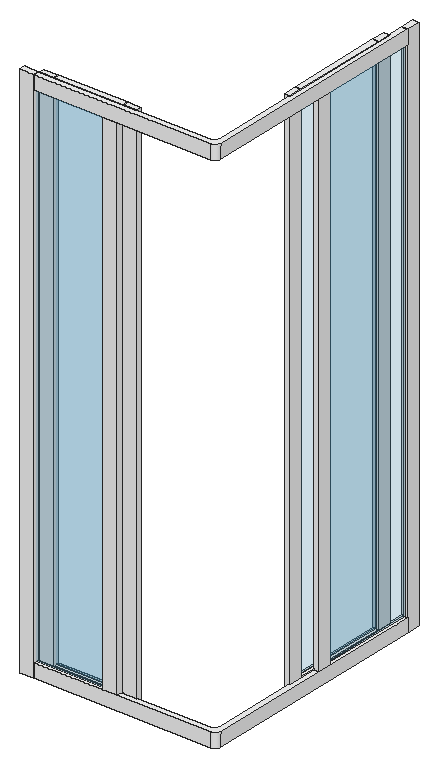
Revit family
Parameters (values of type "Ifö Solid, Clear glass, White profiles, 700mmx900mm")
  Width = 700 mm
  Vertical Profile Width = 20 mm
  Vertical Profile Height = 50 mm
  VVS Number = "673861060"
  URL = "www.maxsibbern.dk"
  Reseller = "Max Sibbern A/S"
  Profiles Top_Bottom = yes
  Profile Material = Ifö_White Aluminium
  Pane Material = Ifö_Glass
  Pane Height = if(Profiles Top_Bottom, (Height - 100 mm), Height)  # 1850 mm
  Model = "Ifö Sohwer Corner, Rectangular"
  Manufacturer = "Ifö"
  Length = 900 mm
  Ifö Number = "0605580"
  Height = 1950 mm
  Handles = no
  Half Width = (Width / 2)  # 350 mm
  Half Length = (Length / 2)  # 450 mm
  Frame Profie Width = 20 mm
  Frame Profie Height = 50 mm
  CE Labeling = "yes"
  Assembly Code = "D2010"
Types (5, lengths in mm): name | VVS Number | Profile Material | Pane Material | Ifö Number
  Ifö Solid, Clear glass, White profiles, 700mmx900mm | "673861060" | Ifö_White Aluminium | Ifö_Glass | "0605580"
  Ifö Solid, Clear glass, Aluminium profiles, 700mmx900mm | "673861062" | Ifö_Aluminium | Ifö_Glass | "0605581"
  Ifö Solid, Printed glass, White profiles, 700mmx900mm | "673861260" | Ifö_White Aluminium | Ifö_Printed Glass | "0605582"
  Ifö Solid, Printed glass, Aluminium profiles, 700mmx900mm | "673861262" | Ifö_Aluminium | Ifö_Printed Glass | "0605585"
  Ifö Solid, Toned glass, Aluminium profiles, 700mmx900mm | "673861462" | Ifö_Aluminium | Ifö_Toned Glass | "0605583"
Reference planes
  plane 1 "Front": y = -10
  plane 2: z = 0
  plane 3 "Right": x = -190
  plane 4: z = 1950
  plane 5: z = 1900
  plane 6: z = 50
  plane 7 "Center (Left/Right)": x = -900
  plane 8: x = -850
  plane 9: x = -550
  plane 10: x = -600
  plane 11: y = 10
  plane 12: x = -494.725
  plane 13: x = -544.725
  plane 14: x = -844.725
  plane 15: x = -794.725
  plane 16: x = -669.725
  plane 17: y = 0
  plane 18: y = 10
  plane 19: y = -10
  plane 20: y = 2
  plane 21: y = -2
  plane 22: y = 30
  plane 23: y = 20
  plane 24: y = 18
  plane 25: y = 22
  plane 26: y = 30
  plane 27: y = 10
  plane 28: x = -210
  plane 29: y = 850
  plane 30 "Center (Front/Back)": y = 900
  plane 31: x = -200
  plane 32: x = -202
  plane 33: x = -198
  plane 34: y = 450
  plane 35: y = 500
  plane 36: y = 570
  plane 37: y = 795
  plane 38: y = 345
  plane 39: y = 395
  plane 40: y = 745
  plane 41: x = -190
  plane 42: x = -210
  plane 43: x = -230
  plane 44: x = -220
  plane 45: x = -222
  plane 46: x = -218
  plane 47: x = -230
  plane 48: x = -210
  plane 49: z = 975
  plane 50: x = -574.725
  plane 51: y = -17
  plane 52: y = 425
  plane 53: x = -183
  plane 54: y = 10
  plane 55: y = -10
  plane 56: x = -200
  plane 57: x = -190
  plane 58: x = -210
  plane 59: z = 1900
  plane 60: z = 50
  plane 61: z = 1900
  plane 62: z = 50
Forms (mm)
  Extrusion 1, solid, material "Ifö_White Aluminium" <- "Profile Material"
    sketch origin (0, -10, 0) x (1, 0, 0) y (0, 0, 1)
      loop
        line (-900, 1950) -> (-900, 0) -> (-850, 0) -> (-850, 1950) -> (-900, 1950)
    from -20 to 0
  Extrusion 2, solid, material "Ifö_White Aluminium" <- "Profile Material"
    sketch origin (0, -10, 0) x (1, 0, 0) y (0, 0, 1)
      loop
        line (-544.725, 1950) -> (-544.725, 0) -> (-494.725, 0) -> (-494.725, 1950) -> (-544.725, 1950)
    from -40 to -20
  Extrusion 3, solid, material "Ifö_White Aluminium" <- "Profile Material"
    sketch origin (0, -10, 0) x (1, 0, 0) y (0, 0, 1)
      loop
        line (-844.725, 1950) -> (-844.725, 0) -> (-794.725, 0) -> (-794.725, 1950) -> (-844.725, 1950)
    from -40 to -20
  Extrusion 4, solid, material "Ifö_White Aluminium" <- "Profile Material", visible <- "Profiles Top_Bottom"
    sketch origin (0, -10, 0) x (1, 0, 0) y (0, 0, 1)
      loop
        line (-794.725, 50) -> (-794.725, 0) -> (-544.725, 0) -> (-544.725, 50) -> (-794.725, 50)
    from -40 to -20
  Extrusion 5, solid, material "Ifö_White Aluminium" <- "Profile Material", visible <- "Profiles Top_Bottom"
    sketch origin (0, -10, 0) x (1, 0, 0) y (0, 0, 1)
      loop
        line (-794.725, 1950) -> (-794.725, 1900) -> (-544.725, 1900) -> (-544.725, 1950) -> (-794.725, 1950)
    from -20 to -40
  Extrusion 6, solid, material "Ifö_Glass" <- "Pane Material"
    sketch origin (0, -10, 0) x (1, 0, 0) y (0, 0, 1)
      loop
        line (-850, 1900) -> (-850, 50) -> (-600, 50) -> (-600, 1900) -> (-850, 1900)
    from -12 to -8
  Extrusion 7, solid, material "Ifö_Glass" <- "Pane Material"
    sketch origin (0, -10, 0) x (1, 0, 0) y (0, 0, 1)
      loop
        line (-794.725, 1900) -> (-794.725, 50) -> (-544.725, 50) -> (-544.725, 1900) -> (-794.725, 1900)
    from -32 to -28
  Extrusion 8, solid, material "Ifö_White Aluminium" <- "Profile Material"
    sketch origin (0, 0, 0) x (1, 0, 0) y (0, 1, 0)
      loop
        line (-210, 900) -> (-210, 850) -> (-190, 850) -> (-190, 900) -> (-210, 900)
    from 0 to 1950
  Extrusion 9, solid, material "Ifö_White Aluminium" <- "Profile Material"
    sketch origin (0, 0, 0) x (1, 0, 0) y (0, 1, 0)
      loop
        line (-210, 450) -> (-190, 450) -> (-190, 500) -> (-210, 500) -> (-210, 450)
    from 50 to 1900
  Extrusion 10, solid, material "Ifö_Glass" <- "Pane Material"
    sketch origin (0, 0, 0) x (1, 0, 0) y (0, 1, 0)
      loop
        line (-198, 850) -> (-202, 850) -> (-202, 500) -> (-198, 500) -> (-198, 850)
    from 50 to 1900
  Extrusion 11, solid, material "Ifö_White Aluminium" <- "Profile Material"
    sketch origin (0, 0, 0) x (1, 0, 0) y (0, 1, 0)
      loop
        line (-230, 745) -> (-210, 745) -> (-210, 795) -> (-230, 795) -> (-230, 745)
    from 0 to 1950
  Extrusion 12, solid, material "Ifö_White Aluminium" <- "Profile Material"
    sketch origin (0, 0, 0) x (1, 0, 0) y (0, 1, 0)
      loop
        line (-230, 395) -> (-230, 345) -> (-210, 345) -> (-210, 395) -> (-230, 395)
    from 0 to 1950
  Extrusion 13, solid, material "Ifö_White Aluminium" <- "Profile Material", visible <- "Profiles Top_Bottom"
    sketch origin (0, 0, 0) x (1, 0, 0) y (0, 1, 0)
      loop
        line (-210, 745) -> (-230, 745) -> (-230, 395) -> (-210, 395) -> (-210, 745)
    from 0 to 50
  Extrusion 14, solid, material "Ifö_White Aluminium" <- "Profile Material", visible <- "Profiles Top_Bottom"
    sketch origin (0, 0, 0) x (1, 0, 0) y (0, 1, 0)
      loop
        line (-230, 745) -> (-230, 395) -> (-210, 395) -> (-210, 745) -> (-230, 745)
    from 1950 to 1900
  Extrusion 15, solid, material "Ifö_Glass" <- "Pane Material"
    sketch origin (0, 0, 0) x (1, 0, 0) y (0, 1, 0)
      loop
        line (-218, 395) -> (-218, 745) -> (-222, 745) -> (-222, 395) -> (-218, 395)
    from 50 to 1900
  Extrusion 16, solid, material "Ifö_White Aluminium" <- "Profile Material", visible <- "Handles"
    sketch origin (0, -10, 0) x (1, 0, 0) y (0, 0, 1)
      loop
        circle (-574.725, 975) r 20
    from -28 to 7
  Extrusion 17, solid, material "Ifö_White Aluminium" <- "Profile Material", visible <- "Handles"
    sketch origin (-190, 0, 0) x (0, 1, 0) y (0, 0, 1)
      loop
        circle (425, 975) r 20
    from -28 to 7
  Extrusion 18, solid, material "Ifö_White Aluminium" <- "Profile Material"
    sketch origin (0, 0, 0) x (0, -1, 0) y (1, 0, 0)
      loop
        line (-10, -550) -> (-10, -600) -> (10, -600) -> (10, -550) -> (-10, -550)
    from 50 to 1900
  Extrusion 19, solid, material "Ifö_White Aluminium" <- "Profile Material"
    sketch origin (0, 0, 0) x (1, 0, 0) y (0, 1, 0)
      loop
        line (-850, 10) -> (-850, -10) -> (-210, -10)
        arc (-210, -10) -> (-195.858, -4.142) -> (-190, 10) r 20
        line (-190, 10) -> (-190, 850) -> (-210, 850) -> (-210, 30)
        arc (-210, 30) -> (-215.858, 15.858) -> (-230, 10) r 20
        line (-230, 10) -> (-850, 10)
    from 0 to 50
  Extrusion 20, solid, material "Ifö_White Aluminium" <- "Profile Material"
    sketch origin (750, -1524, 1900) x (0, -1, 0) y (-1, 0, 0)
      loop
        line (-1534, 1600) -> (-1534, 980)
        arc (-1534, 980) -> (-1539.858, 965.858) -> (-1554, 960) r 20
        line (-1554, 960) -> (-2374, 960) -> (-2374, 940) -> (-1534, 940)
        arc (-1534, 940) -> (-1519.858, 945.858) -> (-1514, 960) r 20
        line (-1514, 960) -> (-1514, 1600) -> (-1534, 1600)
    from -50 to 0
Dimensions and locks
  "Height": plane 4 to plane 2
  locked: plane 6 to plane 2 at 50
  locked: plane 4 to plane 5 at 50
  "Width": plane 56 to plane 7 "Center (Left/Right)"
  locked: plane 8 to plane 7 "Center (Left/Right)" at 50
  equal spacing: plane 56, plane 9, plane 7 "Center (Left/Right)"
  "Vertical Profile Height": plane 9 to plane 10
  locked: plane 1 "Front" to plane 11 at 20
  "Vertical Profile Height": plane 12 to plane 13
  "Vertical Profile Height": plane 15 to plane 14
  equal spacing: plane 12, plane 16, plane 14
  "Half Width": plane 12 to plane 14
  locked: plane 9 to plane 16 at 119.725
  equal spacing: plane 11, plane 17, plane 1 "Front"
  equal spacing: plane 19, plane 17, plane 18
  "Vertical Profile Width": plane 19 to plane 18
  equal spacing: plane 20, plane 17, plane 21
  locked: plane 20 to plane 21 at 4
  locked: plane 22 to plane 11 at 20
  equal spacing: plane 22, plane 23, plane 11
  equal spacing: plane 25, plane 23, plane 24
  locked: plane 25 to plane 24 at 4
  equal spacing: plane 27, plane 23, plane 26
  "Vertical Profile Width": plane 26 to plane 27
  locked: plane 28 to plane 3 "Right" at 20
  locked: plane 30 "Center (Front/Back)" to plane 29 at 50
  equal spacing: plane 28, plane 31, plane 3 "Right"
  locked: plane 32 to plane 33 at 4
  equal spacing: plane 32, plane 31, plane 33
  "Length": plane 30 "Center (Front/Back)" to plane 17
  equal spacing: plane 30 "Center (Front/Back)", plane 34, plane 17
  "Vertical Profile Height": plane 35 to plane 34
  locked: plane 36 to plane 34 at 120
  equal spacing: plane 37, plane 36, plane 38
  "Half Length": plane 37 to plane 38
  "Vertical Profile Height": plane 39 to plane 38
  "Vertical Profile Height": plane 37 to plane 40
  equal spacing: plane 42, plane 31, plane 41
  "Vertical Profile Width": plane 42 to plane 41
  locked: plane 43 to plane 28 at 20
  equal spacing: plane 43, plane 44, plane 28
  locked: plane 45 to plane 46 at 4
  equal spacing: plane 45, plane 44, plane 46
  equal spacing: plane 47, plane 44, plane 48
  "Vertical Profile Width": plane 47 to plane 48
  equal spacing: plane 4, plane 49, plane 2
  locked: plane 13 to plane 50 at 30
  locked: plane 24 to plane 51 at 35
  locked: plane 39 to plane 52 at 30
  locked: plane 46 to plane 53 at 35
  equal spacing: plane 54, plane 17, plane 55
  "Frame Profie Width": plane 54 to plane 55
  equal spacing: plane 58, plane 56, plane 57
  "Frame Profie Width": plane 58 to plane 57
  "Frame Profie Height": plane 60 to level
  "Frame Profie Height": plane 4 to plane 59
  equal spacing: Extrusion 18 sketch curve, plane 17, Extrusion 18 sketch curve
  "Vertical Profile Width": Extrusion 18 sketch curve to Extrusion 18 sketch curve
  equal spacing: plane 61, plane 49, plane 62
  "Pane Height": plane 61 to plane 62
  plane 17 to plane 19 = 10 mm
  aligned and locked: level to plane 2
  aligned and locked: Extrusion 1 sketch curve to plane 7 "Center (Left/Right)"
  aligned and locked: Extrusion 1 sketch curve to plane 8
  aligned and locked: Extrusion 1 sketch curve to plane 2
  aligned and locked: Extrusion 1 sketch curve to plane 4
  aligned and locked: plane 11 to Extrusion 1
  aligned and locked: plane 1 "Front" to Extrusion 1
  aligned and locked: Extrusion 2 sketch curve to plane 13
  aligned and locked: Extrusion 2 sketch curve to plane 12
  aligned and locked: Extrusion 2 sketch curve to plane 4
  aligned and locked: Extrusion 2 sketch curve to plane 2
  aligned: Extrusion 2 to plane 1 "Front"
  aligned and locked: Extrusion 3 sketch curve to plane 14
  aligned and locked: Extrusion 3 sketch curve to plane 15
  aligned and locked: Extrusion 3 sketch curve to plane 4
  aligned and locked: Extrusion 3 sketch curve to plane 2
  aligned: Extrusion 3 to plane 1 "Front"
  aligned and locked: Extrusion 4 sketch curve to plane 6
  aligned and locked: Extrusion 4 sketch curve to plane 2
  aligned and locked: Extrusion 4 sketch curve to plane 13
  aligned and locked: Extrusion 4 sketch curve to plane 15
  aligned: Extrusion 4 to plane 1 "Front"
  aligned and locked: Extrusion 5 sketch curve to plane 4
  aligned and locked: Extrusion 5 sketch curve to plane 5
  aligned and locked: Extrusion 5 sketch curve to plane 13
  aligned and locked: Extrusion 5 sketch curve to plane 15
  aligned: Extrusion 5 to plane 1 "Front"
  aligned and locked: Extrusion 6 sketch curve to plane 8
  aligned and locked: Extrusion 6 sketch curve to plane 10
  aligned: plane 20 to Extrusion 6
  aligned: Extrusion 6 to plane 21
  aligned and locked: Extrusion 7 sketch curve to plane 15
  aligned and locked: Extrusion 7 sketch curve to plane 13
  aligned and locked: plane 11 to Extrusion 5
  aligned and locked: plane 22 to Extrusion 5
  aligned: plane 11 to Extrusion 3
  aligned: plane 22 to Extrusion 3
  aligned: plane 22 to Extrusion 2
  aligned: Extrusion 2 to plane 18
  aligned and locked: plane 22 to Extrusion 4
  aligned and locked: Extrusion 4 to plane 11
  aligned and locked: plane 25 to Extrusion 7
  aligned and locked: Extrusion 7 to plane 24
  aligned and locked: Extrusion 2 to plane 27
  aligned and locked: plane 26 to Extrusion 2
  aligned and locked: Extrusion 8 sketch curve to plane 30 "Center (Front/Back)"
  aligned and locked: Extrusion 8 sketch curve to plane 29
  aligned and locked: Extrusion 8 sketch curve to plane 3 "Right"
  aligned and locked: Extrusion 8 sketch curve to plane 28
  aligned and locked: Extrusion 8 to plane 2
  aligned and locked: plane 4 to Extrusion 8
  aligned and locked: Extrusion 9 sketch curve to plane 34
  aligned and locked: Extrusion 9 sketch curve to plane 35
  aligned: Extrusion 9 to plane 6
  aligned: Extrusion 9 to plane 5
  aligned and locked: Extrusion 10 sketch curve to plane 33
  aligned and locked: Extrusion 10 sketch curve to plane 32
  aligned and locked: Extrusion 10 sketch curve to plane 29
  aligned and locked: Extrusion 10 sketch curve to plane 35
  aligned: Extrusion 10 to plane 6
  aligned: Extrusion 10 to plane 5
  aligned and locked: Extrusion 11 sketch curve to plane 40
  aligned and locked: Extrusion 11 sketch curve to plane 37
  aligned: Extrusion 11 to plane 6
  aligned: Extrusion 11 to plane 5
  aligned and locked: plane 41 to Extrusion 9 sketch curve
  aligned and locked: plane 42 to Extrusion 9 sketch curve
  aligned and locked: plane 47 to Extrusion 12 sketch curve
  aligned and locked: plane 48 to Extrusion 12 sketch curve
  aligned and locked: Extrusion 12 sketch curve to plane 39
  aligned and locked: Extrusion 12 sketch curve to plane 38
  aligned and locked: Extrusion 12 to plane 2
  aligned and locked: plane 4 to Extrusion 12
  aligned: Extrusion 11 to plane 2
  aligned: plane 4 to Extrusion 11
  aligned and locked: Extrusion 13 sketch curve to plane 28
  aligned and locked: Extrusion 13 sketch curve to plane 43
  aligned and locked: Extrusion 13 sketch curve to plane 39
  aligned and locked: Extrusion 13 sketch curve to plane 40
  aligned and locked: Extrusion 13 to plane 2
  aligned and locked: plane 6 to Extrusion 13
  aligned and locked: Extrusion 14 sketch curve to plane 40
  aligned and locked: Extrusion 14 sketch curve to plane 39
  aligned and locked: Extrusion 14 sketch curve to plane 28
  aligned and locked: Extrusion 14 sketch curve to plane 43
  aligned and locked: plane 4 to Extrusion 14
  aligned and locked: plane 5 to Extrusion 14
  aligned and locked: Extrusion 15 sketch curve to plane 46
  aligned and locked: Extrusion 15 sketch curve to plane 45
  aligned and locked: Extrusion 15 sketch curve to plane 40
  aligned and locked: Extrusion 15 sketch curve to plane 39
  aligned: Extrusion 15 to plane 6
  aligned: Extrusion 15 to plane 5
  aligned and locked: plane 50 to Extrusion 16 sketch curve
  aligned and locked: plane 49 to Extrusion 16 sketch curve
  aligned and locked: plane 24 to Extrusion 16
  aligned and locked: plane 52 to Extrusion 17 sketch curve
  aligned and locked: plane 49 to Extrusion 17 sketch curve
  aligned and locked: plane 46 to Extrusion 17
  aligned and locked: plane 53 to Extrusion 17
  aligned and locked: Extrusion 9 to plane 60
  aligned and locked: Extrusion 9 to plane 59
  aligned and locked: plane 26 to Extrusion 3
  aligned and locked: Extrusion 3 to Extrusion 2
  aligned and locked: plane 47 to Extrusion 11 sketch curve
  aligned and locked: Extrusion 11 sketch curve to Extrusion 12
  aligned and locked: Extrusion 10 to plane 59
  aligned and locked: Extrusion 10 to plane 60
  aligned and locked: Extrusion 6 sketch curve to plane 59
  aligned and locked: Extrusion 6 sketch curve to plane 60
  aligned and locked: Extrusion 18 to plane 60
  aligned and locked: Extrusion 18 to plane 59
  aligned and locked: plane 56 to plane 31
  aligned and locked: plane 54 to Extrusion 19 sketch curve
  aligned and locked: Extrusion 19 sketch curve to plane 8
  aligned and locked: plane 58 to Extrusion 19 sketch curve
  aligned and locked: Extrusion 19 sketch curve to plane 29
  aligned and locked: Extrusion 19 to Extrusion 6
  aligned and locked: plane 54 to Extrusion 20 sketch curve
  aligned and locked: Extrusion 20 sketch curve to plane 55
  aligned and locked: Extrusion 20 sketch curve to plane 8
  aligned and locked: Extrusion 20 sketch curve to plane 57
  aligned and locked: plane 58 to Extrusion 20 sketch curve
  aligned and locked: Extrusion 20 sketch curve to plane 29
  aligned and locked: plane 4 to Extrusion 20
  aligned and locked: Extrusion 20 to Extrusion 6
  aligned and locked: Extrusion 19 sketch curve to Extrusion 20
  aligned and locked: Extrusion 7 sketch curve to plane 61
  aligned and locked: Extrusion 7 sketch curve to plane 62
  aligned and locked: plane 61 to Extrusion 15
  aligned and locked: Extrusion 15 to plane 62
Automatic sketch dimensions
  Extrusion 11 sketch curve to plane 40 = 0 mm
  Extrusion 18 sketch curve to plane 9 = 0 mm
  Extrusion 18 sketch curve to plane 10 = 0 mm
  Extrusion 19 sketch curve to plane 58 = 20 mm
  plane 54 to Extrusion 20 sketch curve = 0 mm
  plane 54 to Extrusion 20 sketch curve = 20 mm
  radius of Extrusion 16 sketch curve = 20 mm
  radius of Extrusion 17 sketch curve = 20 mm
